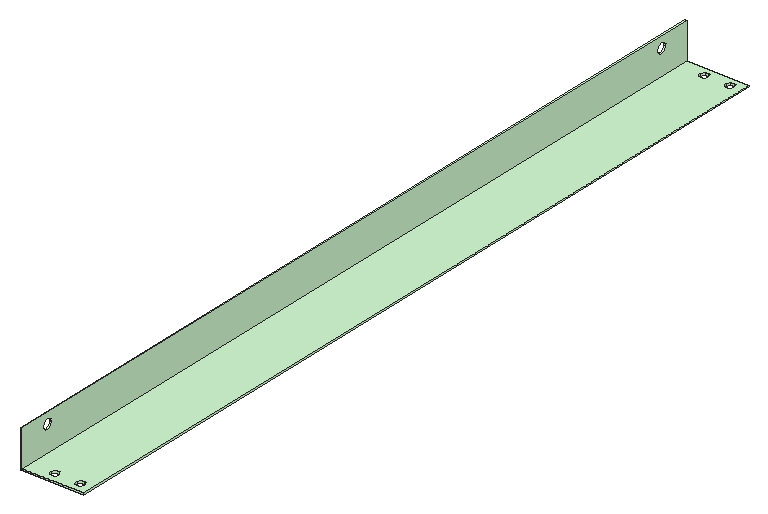
Revit family "ライン点検口落下防止", category 機械設備, Revit 2020
Family settings
  丸型コネクタ寸法 = 直径を使用
  種別 = なし
  パーツ タイプ = 標準
  作業面ベース = いいえ
  常に垂直 = はい
  ロード時にボイドで切り取り = いいえ
  共有 = いいえ
  部屋計算ポイント = いいえ
Parameters
  製造元 = "株式会社桐井製作所"
  既定の高さ = 0 mm
  URL = "https://www.kirii.co.jp/"
  K_長さ(mm) = 394 mm
  K_品名 = "ライン点検口落下防止"
  K_名称 = "ライン落下低減対策金具"
  K_バージョン情報 = "20220915"
Reference planes
  plane 1 "中心(正面/背面)": y = 0
  plane 2: z = 0
  plane 3 "中心(左/右)": x = 0
Forms (mm)
  Extrusion 1, solid
    sketch origin (0, 0, 0) x (1, 0, 0) y (0, 0, 1)
      loop
        line (0, 0) -> (30, 0) -> (30, 0.8) -> (0.8, 0.8) -> (0.8, 18.008) -> (0, 18.008) -> (0, 0)
    from 0 to 394
  Extrusion 2, void
    sketch origin (0, 0, 0) x (0, 1, 0) y (0, 0, 1)
      loop
        circle (-15, 13) r 2.5
      loop
        circle (-379, 13) r 2.5
    from 0 to 0.8
  Extrusion 3, void
    sketch origin (0, 0, 0) x (1, 0, 0) y (0, 1, 0)
      loop
        circle (25, -389.5) r 2
      loop
        circle (12.8, -389.5) r 2
      loop
        circle (25, -4.5) r 2
      loop
        circle (12.8, -4.5) r 2
    from 0 to 0.8
Cuts and joins
  Extrusion 2, Extrusion 3 cuts Extrusion 1
Dimensions and locks
  aligned and locked: level to plane 2
